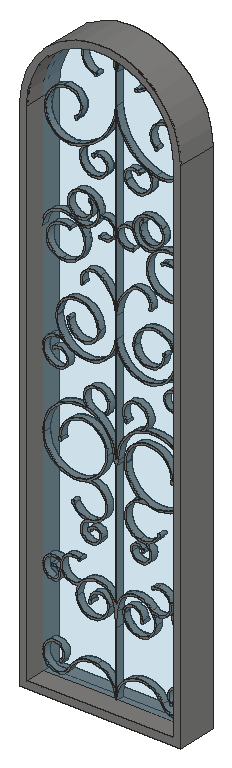
Revit family "Decorative", category Windows, host Wall, Revit 2013
Parameters
  Height = 4' - 0"
  Glass = Glass
  Frame = Iron, Wrought
  Default Sill Height = 3' - 0"
  Wall Closure = By host
  Width = 4' - 0"
  Analytic Construction = "<None>"
Reference planes (in)
  plane 1 "Center (Front/Back)": y = 0
  plane 2: z = 0
  plane 3 "Center (Left/Right)": x = 0
  plane 4 "Left": x = -12
  plane 5 "Right": x = 12
  plane 6 "Sill": z = 6
  plane 7 "Top": z = 84
Forms (in)
  Extrusion 1, solid, material "Iron, Wrought" <- "Frame"
    sketch origin (0, -2, 0) x (1, 0, 0) y (0, 0, 1)
      loop
        line (12, 6) -> (12, 84)
        arc (12, 84) -> (0, 96) -> (-12, 84) r 12
        line (-12, 84) -> (-12, 6) -> (12, 6)
      loop
        arc (11, 84) -> (0, 95) -> (-11, 84) r 11
        line (-11, 84) -> (-11, 7) -> (11, 7) -> (11, 84)
    from -5 to 1
  Extrusion 2, solid, material "Iron, Wrought" <- "Frame"
    sketch origin (0, 0, 0) x (1, 0, 0) y (0, 0, 1)
      loop
        arc (0, 19) -> (-3, 22) -> (-6, 19) r 3
        arc (-6, 19) -> (-3.5, 16.5) -> (-1, 19) r 2.5
        arc (-1, 19) -> (-2.5, 20.5) -> (-4, 19) r 1.5
        arc (-4, 19) -> (-3.875, 18.49848) -> (-3.75, 19) r 0.26634
        arc (-3.75, 19) -> (-2.5, 20.25) -> (-1.25, 19) r 1.25
        arc (-1.25, 19) -> (-3.5, 16.75) -> (-5.75, 19) r 2.25
        arc (-5.75, 19) -> (-3, 21.75) -> (-0.25, 19) r 2.75
        arc (-0.25, 19) -> (-0.21873, 17.84976) -> (-0.125, 16.70292) r 21.16878
        line (-0.125, 16.70292) -> (-0.125, 7) -> (0.125, 7) -> (0.125, 16.70292)
        arc (0.125, 16.70292) -> (0.21873, 17.84976) -> (0.25, 19) r 21.16878
        arc (0.25, 19) -> (3, 21.75) -> (5.75, 19) r 2.75
        arc (5.75, 19) -> (3.5, 16.75) -> (1.25, 19) r 2.25
        arc (1.25, 19) -> (2.5, 20.25) -> (3.75, 19) r 1.25
        arc (3.75, 19) -> (3.875, 18.49848) -> (4, 19) r 0.26634
        arc (4, 19) -> (2.5, 20.5) -> (1, 19) r 1.5
        arc (1, 19) -> (3.5, 16.5) -> (6, 19) r 2.5
        arc (6, 19) -> (3, 22) -> (0, 19) r 3
    from -1 to 0
  Extrusion 3, solid, material "Iron, Wrought" <- "Frame"
    sketch origin (0, 0, 0) x (1, 0, 0) y (0, 0, 1)
      loop
        arc (0.125, 7) -> (0.87875, 9.2664) -> (2.89548, 10.54605) r 3.55934
        arc (2.89548, 10.54605) -> (5.13126, 10.32667) -> (6.79033, 8.81195) r 3.55934
        arc (6.79033, 8.81195) -> (10.17601, 7.98766) -> (10.12198, 11.47182) r 2.20244
        arc (10.12198, 11.47182) -> (8.12953, 11.3176) -> (8.02248, 9.32206) r 1.5154
        arc (8.02248, 9.32206) -> (8.42915, 9.09367) -> (8.20077, 9.50034) r 0.24222
        arc (8.20077, 9.50034) -> (8.31891, 11.15357) -> (9.97213, 11.2717) r 1.2654
        arc (9.97213, 11.2717) -> (10.01582, 8.17967) -> (7.0143, 8.92361) r 1.95244
        arc (7.0143, 8.92361) -> (5.23835, 10.55264) -> (2.84012, 10.78984) r 3.80934
        arc (2.84012, 10.78984) -> (1.18727, 9.95249) -> (0.125, 8.43439) r 3.80934
        line (0.125, 8.43439) -> (0.125, 7)
      loop
        line (-0.125, 7) -> (-0.125, 8.43439)
        arc (-0.125, 8.43439) -> (-1.18727, 9.95249) -> (-2.84012, 10.78984) r 3.80934
        arc (-2.84012, 10.78984) -> (-5.23835, 10.55264) -> (-7.0143, 8.92361) r 3.80934
        arc (-7.0143, 8.92361) -> (-10.01582, 8.17967) -> (-9.97213, 11.2717) r 1.95244
        arc (-9.97213, 11.2717) -> (-8.31891, 11.15357) -> (-8.20077, 9.50034) r 1.2654
        arc (-8.20077, 9.50034) -> (-8.42915, 9.09367) -> (-8.02248, 9.32206) r 0.24222
        arc (-8.02248, 9.32206) -> (-8.12953, 11.3176) -> (-10.12198, 11.47182) r 1.5154
        arc (-10.12198, 11.47182) -> (-10.17601, 7.98766) -> (-6.79033, 8.81195) r 2.20244
        arc (-6.79033, 8.81195) -> (-5.13126, 10.32667) -> (-2.89548, 10.54605) r 3.55934
        arc (-2.89548, 10.54605) -> (-0.87875, 9.2664) -> (-0.125, 7) r 3.55934
    from -1 to 0
  Extrusion 4, solid, material "Iron, Wrought" <- "Frame"
    sketch origin (0, 0, 0) x (1, 0, 0) y (0, 0, 1)
      loop
        arc (-0.125, 19.85696) -> (-0.03141, 19.43301) -> (0, 19) r 3
        arc (0, 19) -> (0.03141, 19.43301) -> (0.125, 19.85696) r 3
        line (0.125, 19.85696) -> (0.125, 92.09572) -> (-0.125, 92.09572) -> (-0.125, 19.85696)
    from -1 to 0
  Extrusion 5, solid, material "Iron, Wrought" <- "Frame"
    sketch origin (0, 0, 0) x (1, 0, 0) y (0, 0, 1)
      loop
        arc (5.38406, 20.82106) -> (5.5287, 20.61421) -> (5.65544, 20.39593) r 3
        arc (5.65544, 20.39593) -> (8.30201, 22.21041) -> (5.66052, 24.03226) r 1.94715
        arc (5.66052, 24.03226) -> (5.35877, 23.78329) -> (5.74967, 23.7987) r 0.20642
        arc (5.74967, 23.7987) -> (8.03937, 22.00629) -> (5.38406, 20.82106) r 1.69715
    from -1 to 0
  Extrusion 6, solid, material "Iron, Wrought" <- "Frame"
    sketch origin (0, 0, 0) x (1, 0, 0) y (0, 0, 1)
      loop
        arc (8.28377, 22.47907) -> (10.57649, 22.08293) -> (9.62935, 19.95774) r 1.47412
        arc (9.62935, 19.95774) -> (8.55895, 20.64137) -> (9.29531, 21.6762) r 0.87641
        arc (9.29531, 21.6762) -> (9.65479, 21.85383) -> (9.25996, 21.92369) r 0.211
        arc (9.25996, 21.92369) -> (8.31355, 20.59367) -> (9.68928, 19.71503) r 1.12641
        arc (9.68928, 19.71503) -> (10.82934, 22.13698) -> (8.22493, 22.75557) r 1.72412
        arc (8.22493, 22.75557) -> (8.25937, 22.61839) -> (8.28377, 22.47907) r 1.94715
    from -1 to 0
  Extrusion 7, solid, material "Iron, Wrought" <- "Frame"
    sketch origin (0, 0, 0) x (-1, 0, 0) y (0, 0, -1)
      loop
        arc (5.38406, -20.82106) -> (8.03937, -22.00629) -> (5.74967, -23.7987) r 1.69715
        arc (5.74967, -23.7987) -> (5.35877, -23.78329) -> (5.66052, -24.03226) r 0.20642
        arc (5.66052, -24.03226) -> (8.30201, -22.21041) -> (5.65544, -20.39593) r 1.94715
        arc (5.65544, -20.39593) -> (5.5287, -20.61421) -> (5.38406, -20.82106) r 3
    from -1 to 0
  Extrusion 8, solid, material "Iron, Wrought" <- "Frame"
    sketch origin (0, 0, 0) x (-1, 0, 0) y (0, 0, -1)
      loop
        arc (8.28377, -22.47907) -> (8.25937, -22.61839) -> (8.22493, -22.75557) r 1.94715
        arc (8.22493, -22.75557) -> (10.82934, -22.13698) -> (9.68928, -19.71503) r 1.72412
        arc (9.68928, -19.71503) -> (8.31355, -20.59367) -> (9.25996, -21.92369) r 1.12641
        arc (9.25996, -21.92369) -> (9.65479, -21.85383) -> (9.29531, -21.6762) r 0.211
        arc (9.29531, -21.6762) -> (8.55895, -20.64137) -> (9.62935, -19.95774) r 0.87641
        arc (9.62935, -19.95774) -> (10.57649, -22.08293) -> (8.28377, -22.47907) r 1.47412
    from -1 to 0
  Extrusion 9, solid, material "Iron, Wrought" <- "Frame"
    sketch origin (0, 0, 6) x (1, 0, 0) y (0, 0, 1)
      loop
        arc (-0.125, 33.25) -> (-5.5625, 38.6875) -> (-11, 33.25) r 5.4375
        arc (-11, 33.25) -> (-6.125, 28.375) -> (-1.25, 33.25) r 4.875
        arc (-1.25, 33.25) -> (-4.875, 36.875) -> (-8.5, 33.25) r 3.625
        arc (-8.5, 33.25) -> (-8.375, 32.74812) -> (-8.25, 33.25) r 0.26651
        arc (-8.25, 33.25) -> (-4.875, 36.625) -> (-1.5, 33.25) r 3.375
        arc (-1.5, 33.25) -> (-6.125, 28.625) -> (-10.75, 33.25) r 4.625
        arc (-10.75, 33.25) -> (-5.5625, 38.4375) -> (-0.375, 33.25) r 5.1875
        arc (-0.375, 33.25) -> (-0.31114, 32.8171) -> (-0.125, 32.42107) r 1.49924
        line (-0.125, 32.42107) -> (-0.125, 33.25)
    from -1 to 0
  Extrusion 10, solid, material "Iron, Wrought" <- "Frame"
    sketch origin (0, 0, 2) x (1, 0, 0) y (0, 0, 1)
      loop
        arc (-4.52215, 32.64603) -> (-1.55271, 30.72224) -> (-3.46236, 27.74368) r 2.50783
        arc (-3.46236, 27.74368) -> (-5.10328, 27.93831) -> (-6.2669, 29.11154) r 2.50783
        arc (-6.2669, 29.11154) -> (-6.57763, 29.4721) -> (-6.4925, 29.0038) r 0.24664
        arc (-6.4925, 29.0038) -> (-5.21287, 27.71361) -> (-3.40837, 27.49957) r 2.75783
        arc (-3.40837, 27.49957) -> (-1.2546, 30.40888) -> (-3.83728, 32.94512) r 2.75783
        arc (-3.83728, 32.94512) -> (-4.17398, 32.78244) -> (-4.52215, 32.64603) r 4.875
    from -1 to 0
  Extrusion 11, solid, material "Iron, Wrought" <- "Frame"
    sketch origin (0, 0, 2) x (1, 0, 0) y (0, 0, 1)
      loop
        arc (-4.00392, 27.4345) -> (-4.27834, 27.44819) -> (-4.55003, 27.48912) r 2.75783
        arc (-4.55003, 27.48912) -> (-4.66455, 24.80677) -> (-2.16787, 25.79404) r 1.60044
        arc (-2.16787, 25.79404) -> (-2.76918, 26.93487) -> (-4.00754, 26.57493) r 1.02005
        arc (-4.00754, 26.57493) -> (-4.1621, 26.13054) -> (-3.80172, 26.43302) r 0.24402
        arc (-3.80172, 26.43302) -> (-2.86687, 26.70475) -> (-2.41293, 25.84351) r 0.77005
        arc (-2.41293, 25.84351) -> (-4.69156, 25.15587) -> (-4.00392, 27.4345) r 1.35044
    from -1 to 0
  Extrusion 12, solid, material "Iron, Wrought" <- "Frame"
    sketch origin (0, 0, 6) x (-1, 0, 0) y (0, 0, -1)
      loop
        line (-0.125, -33.25) -> (-0.125, -32.42107)
        arc (-0.125, -32.42107) -> (-0.31114, -32.8171) -> (-0.375, -33.25) r 1.49924
        arc (-0.375, -33.25) -> (-5.5625, -38.4375) -> (-10.75, -33.25) r 5.1875
        arc (-10.75, -33.25) -> (-6.125, -28.625) -> (-1.5, -33.25) r 4.625
        arc (-1.5, -33.25) -> (-4.875, -36.625) -> (-8.25, -33.25) r 3.375
        arc (-8.25, -33.25) -> (-8.375, -32.74812) -> (-8.5, -33.25) r 0.26651
        arc (-8.5, -33.25) -> (-4.875, -36.875) -> (-1.25, -33.25) r 3.625
        arc (-1.25, -33.25) -> (-6.125, -28.375) -> (-11, -33.25) r 4.875
        arc (-11, -33.25) -> (-5.5625, -38.6875) -> (-0.125, -33.25) r 5.4375
    from -1 to 0
  Extrusion 13, solid, material "Iron, Wrought" <- "Frame"
    sketch origin (0, 0, 2) x (-1, 0, 0) y (0, 0, -1)
      loop
        arc (-4.52215, -32.64603) -> (-4.17398, -32.78244) -> (-3.83728, -32.94512) r 4.875
        arc (-3.83728, -32.94512) -> (-1.2546, -30.40888) -> (-3.40837, -27.49957) r 2.75783
        arc (-3.40837, -27.49957) -> (-5.21287, -27.71361) -> (-6.4925, -29.0038) r 2.75783
        arc (-6.4925, -29.0038) -> (-6.57763, -29.4721) -> (-6.2669, -29.11154) r 0.24664
        arc (-6.2669, -29.11154) -> (-5.10328, -27.93831) -> (-3.46236, -27.74368) r 2.50783
        arc (-3.46236, -27.74368) -> (-1.55271, -30.72224) -> (-4.52215, -32.64603) r 2.50783
    from -1 to 0
  Extrusion 14, solid, material "Iron, Wrought" <- "Frame"
    sketch origin (0, 0, 2) x (-1, 0, 0) y (0, 0, -1)
      loop
        arc (-4.00392, -27.4345) -> (-4.69156, -25.15587) -> (-2.41293, -25.84351) r 1.35044
        arc (-2.41293, -25.84351) -> (-2.86687, -26.70475) -> (-3.80172, -26.43302) r 0.77005
        arc (-3.80172, -26.43302) -> (-4.1621, -26.13054) -> (-4.00754, -26.57493) r 0.24402
        arc (-4.00754, -26.57493) -> (-2.76918, -26.93487) -> (-2.16787, -25.79404) r 1.02005
        arc (-2.16787, -25.79404) -> (-4.66455, -24.80677) -> (-4.55003, -27.48912) r 1.60044
        arc (-4.55003, -27.48912) -> (-4.27834, -27.44819) -> (-4.00392, -27.4345) r 2.75783
    from -1 to 0
  Extrusion 15, solid, material "Iron, Wrought" <- "Frame"
    sketch origin (0, 0, 8.09572) x (1, 0, 0) y (0, 0, 1)
      loop
        line (0.125, 84) -> (0.125, 83.08253)
        arc (0.125, 83.08253) -> (0.30647, 83.52316) -> (0.37495, 83.99476) r 1.93846
        arc (0.37495, 83.99476) -> (4.0681, 85.73803) -> (3.23358, 81.74028) r 2.2811
        arc (3.23358, 81.74028) -> (2.79881, 81.6115) -> (3.23358, 81.48272) r 0.23646
        arc (3.23358, 81.48272) -> (4.24841, 85.91396) -> (0.125, 84) r 2.5311
    from -1 to 0
  Extrusion 16, solid, material "Iron, Wrought" <- "Frame"
    sketch origin (0, 0, 8.09572) x (-1, 0, 0) y (0, 0, -1)
      loop
        arc (0.125, -84) -> (4.24841, -85.91396) -> (3.23358, -81.48272) r 2.5311
        arc (3.23358, -81.48272) -> (2.79881, -81.6115) -> (3.23358, -81.74028) r 0.23646
        arc (3.23358, -81.74028) -> (4.0681, -85.73803) -> (0.37495, -83.99476) r 2.2811
        arc (0.37495, -83.99476) -> (0.30647, -83.52316) -> (0.125, -83.08253) r 1.93846
        line (0.125, -83.08253) -> (0.125, -84)
    from -1 to 0
  Extrusion 17, solid, material "Iron, Wrought" <- "Frame"
    sketch origin (0, 0, -2) x (1, 0, 0) y (0, 0, 1)
      loop
        arc (-0.125, 57.4364) -> (-4.45419, 53.10721) -> (-8.78338, 57.4364) r 4.32919
        arc (-8.78338, 57.4364) -> (-5.78338, 60.4364) -> (-2.78338, 57.4364) r 3
        arc (-2.78338, 57.4364) -> (-4.90838, 55.3114) -> (-7.03338, 57.4364) r 2.125
        arc (-7.03338, 57.4364) -> (-7.15838, 57.83873) -> (-7.28338, 57.4364) r 0.22058
        arc (-7.28338, 57.4364) -> (-4.90838, 55.0614) -> (-2.53338, 57.4364) r 2.375
        arc (-2.53338, 57.4364) -> (-5.78338, 60.6864) -> (-9.03338, 57.4364) r 3.25
        arc (-9.03338, 57.4364) -> (-5.21076, 52.92014) -> (-0.125, 55.94405) r 4.57919
        line (-0.125, 55.94405) -> (-0.125, 57.4364)
    from -1 to 0
  Extrusion 18, solid, material "Iron, Wrought" <- "Frame"
    sketch origin (0, 0, -2) x (1, 0, 0) y (0, 0, 1)
      loop
        arc (-8.11257, 54.68227) -> (-11.00367, 52.52462) -> (-8.05023, 50.45312) r 2.22644
        arc (-8.05023, 50.45312) -> (-7.19848, 52.41505) -> (-9.22641, 53.09486) r 1.45125
        arc (-9.22641, 53.09486) -> (-9.51706, 52.79135) -> (-9.10545, 52.87606) r 0.22008
        arc (-9.10545, 52.87606) -> (-7.42687, 52.31336) -> (-8.13189, 50.68941) r 1.20125
        arc (-8.13189, 50.68941) -> (-10.73918, 52.7983) -> (-7.69915, 54.21379) r 1.97644
        arc (-7.69915, 54.21379) -> (-7.91576, 54.4393) -> (-8.11257, 54.68227) r 3.70425
    from -1 to 0
  Extrusion 19, solid, material "Iron, Wrought" <- "Frame"
    sketch origin (0, 0, -2) x (-1, 0, 0) y (0, 0, -1)
      loop
        line (-0.125, -57.4364) -> (-0.125, -55.94405)
        arc (-0.125, -55.94405) -> (-5.21076, -52.92014) -> (-9.03338, -57.4364) r 4.57919
        arc (-9.03338, -57.4364) -> (-5.78338, -60.6864) -> (-2.53338, -57.4364) r 3.25
        arc (-2.53338, -57.4364) -> (-4.90838, -55.0614) -> (-7.28338, -57.4364) r 2.375
        arc (-7.28338, -57.4364) -> (-7.15838, -57.83873) -> (-7.03338, -57.4364) r 0.22058
        arc (-7.03338, -57.4364) -> (-4.90838, -55.3114) -> (-2.78338, -57.4364) r 2.125
        arc (-2.78338, -57.4364) -> (-5.78338, -60.4364) -> (-8.78338, -57.4364) r 3
        arc (-8.78338, -57.4364) -> (-4.45419, -53.10721) -> (-0.125, -57.4364) r 4.32919
    from -1 to 0
  Extrusion 20, solid, material "Iron, Wrought" <- "Frame"
    sketch origin (0, 0, -2) x (-1, 0, 0) y (0, 0, -1)
      loop
        arc (-8.11257, -54.68227) -> (-7.91576, -54.4393) -> (-7.69915, -54.21379) r 3.70425
        arc (-7.69915, -54.21379) -> (-10.73918, -52.7983) -> (-8.13189, -50.68941) r 1.97644
        arc (-8.13189, -50.68941) -> (-7.42687, -52.31336) -> (-9.10545, -52.87606) r 1.20125
        arc (-9.10545, -52.87606) -> (-9.51706, -52.79135) -> (-9.22641, -53.09486) r 0.22008
        arc (-9.22641, -53.09486) -> (-7.19848, -52.41505) -> (-8.05023, -50.45312) r 1.45125
        arc (-8.05023, -50.45312) -> (-11.00367, -52.52462) -> (-8.11257, -54.68227) r 2.22644
    from -1 to 0
  Extrusion 21, solid, material "Iron, Wrought" <- "Frame"
    sketch origin (0, 0, -2) x (1, 0, 0) y (0, 0, 1)
      loop
        arc (-3.69822, 46.35792) -> (-3.39715, 49.58097) -> (-1.52489, 46.94027) r 1.72613
        arc (-1.52489, 46.94027) -> (-1.61482, 46.5869) -> (-1.31843, 46.79929) r 0.19408
        arc (-1.31843, 46.79929) -> (-3.10422, 49.88379) -> (-4.38962, 46.5595) r 1.97613
        arc (-4.38962, 46.5595) -> (-4.04058, 46.47017) -> (-3.69822, 46.35792) r 5.4375
    from -1 to 0
  Extrusion 22, solid, material "Iron, Wrought" <- "Frame"
    sketch origin (0, 0, -2) x (-1, 0, 0) y (0, 0, -1)
      loop
        arc (-3.69822, -46.35792) -> (-4.04058, -46.47017) -> (-4.38962, -46.5595) r 5.4375
        arc (-4.38962, -46.5595) -> (-3.10422, -49.88379) -> (-1.31843, -46.79929) r 1.97613
        arc (-1.31843, -46.79929) -> (-1.61482, -46.5869) -> (-1.52489, -46.94027) r 0.19408
        arc (-1.52489, -46.94027) -> (-3.39715, -49.58097) -> (-3.69822, -46.35792) r 1.72613
    from -1 to 0
  Extrusion 23, solid, material "Iron, Wrought" <- "Frame"
    sketch origin (0, 0, -2) x (1, 0, 0) y (0, 0, 1)
      loop
        line (11, 68.75) -> (11, 69.74225)
        arc (11, 69.74225) -> (5.00375, 70.19299) -> (8.12514, 65.05343) r 3.38085
        arc (8.12514, 65.05343) -> (10.40924, 68.14339) -> (7.00175, 69.91935) r 2.52769
        arc (7.00175, 69.91935) -> (6.74444, 69.68092) -> (7.09518, 69.68747) r 0.18772
        arc (7.09518, 69.68747) -> (10.16565, 68.08715) -> (8.10746, 65.3028) r 2.27769
        arc (8.10746, 65.3028) -> (5.48761, 70.43828) -> (11, 68.75) r 3.13085
    from -1 to 0
  Extrusion 24, solid, material "Iron, Wrought" <- "Frame"
    sketch origin (0, 0, -2) x (1, 0, 0) y (0, 0, 1)
      loop
        arc (5.881, 71.14798) -> (2.7899, 73.65856) -> (6.72216, 74.28724) r 2.18094
        arc (6.72216, 74.28724) -> (5.34716, 71.74599) -> (3.97216, 74.28724) r 1.64261
        arc (3.97216, 74.28724) -> (4.06624, 74.65967) -> (3.76289, 74.42401) r 0.20312
        arc (3.76289, 74.42401) -> (5.34716, 71.49599) -> (6.93143, 74.42401) r 1.89261
        arc (6.93143, 74.42401) -> (2.64994, 74.02271) -> (5.39856, 70.71555) r 2.43094
        arc (5.39856, 70.71555) -> (5.6294, 70.94335) -> (5.881, 71.14798) r 3.38085
    from -1 to 0
  Extrusion 25, solid, material "Iron, Wrought" <- "Frame"
    sketch origin (0, 0, -2) x (1, 0, 0) y (0, 0, 1)
      loop
        arc (2.50821, 72.64087) -> (2.48424, 72.79355) -> (2.47002, 72.94745) r 2.43094
        arc (2.47002, 72.94745) -> (0.11872, 71.51534) -> (2.37931, 69.94395) r 1.64273
        arc (2.37931, 69.94395) -> (2.62557, 70.17899) -> (2.28516, 70.17555) r 0.18299
        arc (2.28516, 70.17555) -> (0.37364, 71.59125) -> (2.50821, 72.64087) r 1.39273
    from -1 to 0
  Extrusion 26, solid, material "Iron, Wrought" <- "Frame"
    sketch origin (0, 0, -2) x (-1, 0, 0) y (0, 0, -1)
      loop
        arc (11, -68.75) -> (5.48761, -70.43828) -> (8.10746, -65.3028) r 3.13085
        arc (8.10746, -65.3028) -> (10.16565, -68.08715) -> (7.09518, -69.68747) r 2.27769
        arc (7.09518, -69.68747) -> (6.74444, -69.68092) -> (7.00175, -69.91935) r 0.18772
        arc (7.00175, -69.91935) -> (10.40924, -68.14339) -> (8.12514, -65.05343) r 2.52769
        arc (8.12514, -65.05343) -> (5.00375, -70.19299) -> (11, -69.74225) r 3.38085
        line (11, -69.74225) -> (11, -68.75)
    from -1 to 0
  Extrusion 27, solid, material "Iron, Wrought" <- "Frame"
    sketch origin (0, 0, -2) x (-1, 0, 0) y (0, 0, -1)
      loop
        arc (5.881, -71.14798) -> (5.6294, -70.94335) -> (5.39856, -70.71555) r 3.38085
        arc (5.39856, -70.71555) -> (2.64994, -74.02271) -> (6.93143, -74.42401) r 2.43094
        arc (6.93143, -74.42401) -> (5.34716, -71.49599) -> (3.76289, -74.42401) r 1.89261
        arc (3.76289, -74.42401) -> (4.06624, -74.65967) -> (3.97216, -74.28724) r 0.20312
        arc (3.97216, -74.28724) -> (5.34716, -71.74599) -> (6.72216, -74.28724) r 1.64261
        arc (6.72216, -74.28724) -> (2.7899, -73.65856) -> (5.881, -71.14798) r 2.18094
    from -1 to 0
  Extrusion 28, solid, material "Iron, Wrought" <- "Frame"
    sketch origin (0, 0, -2) x (-1, 0, 0) y (0, 0, -1)
      loop
        arc (2.50821, -72.64087) -> (0.37364, -71.59125) -> (2.28516, -70.17555) r 1.39273
        arc (2.28516, -70.17555) -> (2.62557, -70.17899) -> (2.37931, -69.94395) r 0.18299
        arc (2.37931, -69.94395) -> (0.11872, -71.51534) -> (2.47002, -72.94745) r 1.64273
        arc (2.47002, -72.94745) -> (2.48424, -72.79355) -> (2.50821, -72.64087) r 2.43094
    from -1 to 0
  Extrusion 29, solid, material "Iron, Wrought" <- "Frame"
    sketch origin (0, 0, -2) x (1, 0, 0) y (0, 0, 1)
      loop
        line (-0.125, 60.5) -> (-0.125, 61.90489)
        arc (-0.125, 61.90489) -> (-0.97009, 63.62703) -> (-2.31559, 64.99436) r 5.99902
        arc (-2.31559, 64.99436) -> (-4.4068, 65.07216) -> (-5.2536, 63.15849) r 1.86485
        arc (-5.2536, 63.15849) -> (-5.06854, 62.83793) -> (-5.0076, 63.20302) r 0.19662
        arc (-5.0076, 63.20302) -> (-4.27432, 64.86014) -> (-2.46346, 64.79278) r 1.61485
        arc (-2.46346, 64.79278) -> (-0.81524, 62.90732) -> (-0.125, 60.5) r 5.74902
    from -1 to 0
  Extrusion 30, solid, material "Iron, Wrought" <- "Frame"
    sketch origin (0, 0, -2) x (-1, 0, 0) y (0, 0, -1)
      loop
        arc (-0.125, -60.5) -> (-0.81524, -62.90732) -> (-2.46346, -64.79278) r 5.74902
        arc (-2.46346, -64.79278) -> (-4.27432, -64.86014) -> (-5.0076, -63.20302) r 1.61485
        arc (-5.0076, -63.20302) -> (-5.06854, -62.83793) -> (-5.2536, -63.15849) r 0.19662
        arc (-5.2536, -63.15849) -> (-4.4068, -65.07216) -> (-2.31559, -64.99436) r 1.86485
        arc (-2.31559, -64.99436) -> (-0.97009, -63.62703) -> (-0.125, -61.90489) r 5.99902
        line (-0.125, -61.90489) -> (-0.125, -60.5)
    from -1 to 0
  Extrusion 31, solid, material "Iron, Wrought" <- "Frame"
    sketch origin (0, 0, 0) x (1, 0, 0) y (0, 0, 1)
      loop
        arc (-0.125, 86.75) -> (-1.79953, 82.04775) -> (-5.99396, 79.34182) r 7.75009
        arc (-5.99396, 79.34182) -> (-10.39015, 81.979) -> (-7.75297, 86.37519) r 3.625
        arc (-7.75297, 86.37519) -> (-5.59198, 85.46019) -> (-5.87507, 83.13061) r 1.95016
        arc (-5.87507, 83.13061) -> (-6.11858, 82.71029) -> (-5.69826, 82.9538) r 0.25135
        arc (-5.69826, 82.9538) -> (-5.37443, 85.58338) -> (-7.81363, 86.61772) r 2.20016
        arc (-7.81363, 86.61772) -> (-10.63268, 81.91834) -> (-5.9333, 79.09929) r 3.875
        arc (-5.9333, 79.09929) -> (-2.23433, 81.18653) -> (-0.125, 84.87295) r 8.00009
        line (-0.125, 84.87295) -> (-0.125, 86.75)
    from -1 to 0
  Extrusion 32, solid, material "Iron, Wrought" <- "Frame"
    sketch origin (0, 0, 0) x (1, 0, 0) y (0, 0, 1)
      loop
        arc (-4.18525, 79.76158) -> (-4.59737, 79.56218) -> (-5.02022, 79.38668) r 8.00009
        arc (-5.02022, 79.38668) -> (-4.47897, 76.15524) -> (-1.31183, 76.99453) r 2.21609
        arc (-1.31183, 76.99453) -> (-1.56914, 78.66539) -> (-3.24, 78.9227) r 1.42965
        arc (-3.24, 78.9227) -> (-3.58755, 78.60093) -> (-3.12459, 78.70092) r 0.24552
        arc (-3.12459, 78.70092) -> (-1.74592, 78.48861) -> (-1.5336, 77.10993) r 1.17965
        arc (-1.5336, 77.10993) -> (-4.66793, 76.62726) -> (-4.18525, 79.76158) r 1.96609
    from -1 to 0
  Extrusion 33, solid, material "Iron, Wrought" <- "Frame"
    sketch origin (0, 0, 0) x (-1, 0, 0) y (0, 0, -1)
      loop
        line (-0.125, -86.75) -> (-0.125, -84.87295)
        arc (-0.125, -84.87295) -> (-2.23433, -81.18653) -> (-5.9333, -79.09929) r 8.00009
        arc (-5.9333, -79.09929) -> (-10.63268, -81.91834) -> (-7.81363, -86.61772) r 3.875
        arc (-7.81363, -86.61772) -> (-5.37443, -85.58338) -> (-5.69826, -82.9538) r 2.20016
        arc (-5.69826, -82.9538) -> (-6.11858, -82.71029) -> (-5.87507, -83.13061) r 0.25135
        arc (-5.87507, -83.13061) -> (-5.59198, -85.46019) -> (-7.75297, -86.37519) r 1.95016
        arc (-7.75297, -86.37519) -> (-10.39015, -81.979) -> (-5.99396, -79.34182) r 3.625
        arc (-5.99396, -79.34182) -> (-1.79953, -82.04775) -> (-0.125, -86.75) r 7.75009
    from -1 to 0
  Extrusion 34, solid, material "Iron, Wrought" <- "Frame"
    sketch origin (0, 0, 0) x (-1, 0, 0) y (0, 0, -1)
      loop
        arc (-4.18525, -79.76158) -> (-4.66793, -76.62726) -> (-1.5336, -77.10993) r 1.96609
        arc (-1.5336, -77.10993) -> (-1.74592, -78.48861) -> (-3.12459, -78.70092) r 1.17965
        arc (-3.12459, -78.70092) -> (-3.58755, -78.60093) -> (-3.24, -78.9227) r 0.24552
        arc (-3.24, -78.9227) -> (-1.56914, -78.66539) -> (-1.31183, -76.99453) r 1.42965
        arc (-1.31183, -76.99453) -> (-4.47897, -76.15524) -> (-5.02022, -79.38668) r 2.21609
        arc (-5.02022, -79.38668) -> (-4.59737, -79.56218) -> (-4.18525, -79.76158) r 8.00009
    from -1 to 0
  Extrusion 35, solid, material "Glass" <- "Glass"
    sketch origin (0, 0, 0) x (1, 0, 0) y (0, 0, 1)
      loop
        line (0.125, 7) -> (11, 7) -> (11, 9.57105)
        arc (11, 9.57105) -> (9.19272, 7.54136) -> (6.79033, 8.81195) r 2.20244
        arc (6.79033, 8.81195) -> (5.13126, 10.32667) -> (2.89548, 10.54605) r 3.55934
        arc (2.89548, 10.54605) -> (0.87875, 9.2664) -> (0.125, 7) r 3.55934
    from -1 to 0
  Extrusion 36, solid, material "Glass" <- "Glass"
    sketch origin (0, 0, 0) x (-1, 0, 0) y (0, 0, -1)
      loop
        arc (0.125, -7) -> (0.87875, -9.2664) -> (2.89548, -10.54605) r 3.55934
        arc (2.89548, -10.54605) -> (5.13126, -10.32667) -> (6.79033, -8.81195) r 3.55934
        arc (6.79033, -8.81195) -> (9.19272, -7.54136) -> (11, -9.57105) r 2.20244
        line (11, -9.57105) -> (11, -7) -> (0.125, -7)
    from -1 to 0
  Extrusion 37, solid, material "Glass" <- "Glass"
    sketch origin (0, 0, 0) x (1, 0, 0) y (0, 0, 1)
      loop
        arc (0.125, 8.43439) -> (1.18727, 9.95249) -> (2.84012, 10.78984) r 3.80934
        arc (2.84012, 10.78984) -> (5.23835, 10.55264) -> (7.0143, 8.92361) r 3.80934
        arc (7.0143, 8.92361) -> (10.01582, 8.17967) -> (9.97213, 11.2717) r 1.95244
        arc (9.97213, 11.2717) -> (8.31891, 11.15357) -> (8.20077, 9.50034) r 1.2654
        arc (8.20077, 9.50034) -> (8.42915, 9.09367) -> (8.02248, 9.32206) r 0.24222
        arc (8.02248, 9.32206) -> (8.12953, 11.3176) -> (10.12198, 11.47182) r 1.5154
        arc (10.12198, 11.47182) -> (10.7396, 10.75573) -> (11, 9.84664) r 2.20244
        line (11, 9.84664) -> (11, 21.36992)
        arc (11, 21.36992) -> (10.62754, 20.31841) -> (9.68928, 19.71503) r 1.72412
        arc (9.68928, 19.71503) -> (8.31355, 20.59367) -> (9.25996, 21.92369) r 1.12641
        arc (9.25996, 21.92369) -> (9.65479, 21.85383) -> (9.29531, 21.6762) r 0.211
        arc (9.29531, 21.6762) -> (8.55895, 20.64137) -> (9.62935, 19.95774) r 0.87641
        arc (9.62935, 19.95774) -> (10.57649, 22.08293) -> (8.28377, 22.47907) r 1.47412
        arc (8.28377, 22.47907) -> (7.56432, 20.68714) -> (5.65544, 20.39593) r 1.94715
        arc (5.65544, 20.39593) -> (5.91259, 19.71891) -> (6, 19) r 3
        arc (6, 19) -> (3.5, 16.5) -> (1, 19) r 2.5
        arc (1, 19) -> (2.5, 20.5) -> (4, 19) r 1.5
        arc (4, 19) -> (3.875, 18.49848) -> (3.75, 19) r 0.26634
        arc (3.75, 19) -> (2.5, 20.25) -> (1.25, 19) r 1.25
        arc (1.25, 19) -> (3.5, 16.75) -> (5.75, 19) r 2.25
        arc (5.75, 19) -> (3, 21.75) -> (0.25, 19) r 2.75
        arc (0.25, 19) -> (0.21873, 17.84976) -> (0.125, 16.70292) r 21.16878
        line (0.125, 16.70292) -> (0.125, 8.43439)
    from -1 to 0
  Extrusion 38, solid, material "Glass" <- "Glass"
    sketch origin (0, 0, 0) x (1, 0, 0) y (0, 0, 1)
      loop
        arc (0.125, 19.85696) -> (2.45905, 21.95083) -> (5.38406, 20.82106) r 3
        arc (5.38406, 20.82106) -> (8.03937, 22.00629) -> (5.74967, 23.7987) r 1.69715
        arc (5.74967, 23.7987) -> (5.35877, 23.78329) -> (5.66052, 24.03226) r 0.20642
        arc (5.66052, 24.03226) -> (7.22266, 23.9562) -> (8.22493, 22.75557) r 1.94715
        arc (8.22493, 22.75557) -> (10.0462, 22.93139) -> (11, 21.36992) r 1.72412
        line (11, 21.36992) -> (11, 39.25)
        arc (11, 39.25) -> (8.94916, 35.27637) -> (4.52215, 34.64603) r 4.875
        arc (4.52215, 34.64603) -> (1.55271, 32.72224) -> (3.46236, 29.74368) r 2.50783
        arc (3.46236, 29.74368) -> (5.10328, 29.93831) -> (6.2669, 31.11154) r 2.50783
        arc (6.2669, 31.11154) -> (6.57763, 31.4721) -> (6.4925, 31.0038) r 0.24664
        arc (6.4925, 31.0038) -> (5.69977, 30.01754) -> (4.55003, 29.48912) r 2.75783
        arc (4.55003, 29.48912) -> (4.66455, 26.80677) -> (2.16787, 27.79404) r 1.60044
        arc (2.16787, 27.79404) -> (2.76918, 28.93487) -> (4.00754, 28.57493) r 1.02005
        arc (4.00754, 28.57493) -> (4.1621, 28.13054) -> (3.80172, 28.43302) r 0.24402
        arc (3.80172, 28.43302) -> (2.86687, 28.70475) -> (2.41293, 27.84351) r 0.77005
        arc (2.41293, 27.84351) -> (4.69156, 27.15587) -> (4.00392, 29.4345) r 1.35044
        arc (4.00392, 29.4345) -> (3.70437, 29.45082) -> (3.40837, 29.49957) r 2.75783
        arc (3.40837, 29.49957) -> (1.2546, 32.40888) -> (3.83728, 34.94512) r 2.75783
        arc (3.83728, 34.94512) -> (1.94659, 36.73873) -> (1.25, 39.25) r 4.875
        arc (1.25, 39.25) -> (4.875, 42.875) -> (8.5, 39.25) r 3.625
        arc (8.5, 39.25) -> (8.375, 38.74812) -> (8.25, 39.25) r 0.26651
        arc (8.25, 39.25) -> (4.875, 42.625) -> (1.5, 39.25) r 3.375
        arc (1.5, 39.25) -> (6.125, 34.625) -> (10.75, 39.25) r 4.625
        arc (10.75, 39.25) -> (5.5625, 44.4375) -> (0.375, 39.25) r 5.1875
        arc (0.375, 39.25) -> (0.31114, 38.8171) -> (0.125, 38.42107) r 1.49924
        line (0.125, 38.42107) -> (0.125, 19.85696)
    from -1 to 0
  Extrusion 39, solid, material "Glass" <- "Glass"
    sketch origin (0, 0, 0) x (1, 0, 0) y (0, 0, 1)
      loop
        arc (0.125, 39.25) -> (1.10698, 42.36684) -> (3.69822, 44.35792) r 5.4375
        arc (3.69822, 44.35792) -> (3.39715, 47.58097) -> (1.52489, 44.94027) r 1.72613
        arc (1.52489, 44.94027) -> (1.61482, 44.5869) -> (1.31843, 44.79929) r 0.19408
        arc (1.31843, 44.79929) -> (3.10422, 47.88379) -> (4.38962, 44.5595) r 1.97613
        arc (4.38962, 44.5595) -> (8.96756, 43.48934) -> (11, 39.25) r 5.4375
        line (11, 39.25) -> (11, 50.42554)
        arc (11, 50.42554) -> (10.01504, 48.70664) -> (8.05023, 48.45312) r 2.22644
        arc (8.05023, 48.45312) -> (7.19848, 50.41505) -> (9.22641, 51.09486) r 1.45125
        arc (9.22641, 51.09486) -> (9.51706, 50.79135) -> (9.10545, 50.87606) r 0.22008
        arc (9.10545, 50.87606) -> (7.42687, 50.31336) -> (8.13189, 48.68941) r 1.20125
        arc (8.13189, 48.68941) -> (10.74077, 50.78496) -> (7.72178, 52.22831) r 1.97644
        arc (7.72178, 52.22831) -> (3.44538, 50.96971) -> (0.125, 53.94405) r 4.57919
        line (0.125, 53.94405) -> (0.125, 39.25)
    from -1 to 0
  Extrusion 40, solid, material "Glass" <- "Glass"
    sketch origin (0, 0, 0) x (1, 0, 0) y (0, 0, 1)
      loop
        arc (0.125, 55.4364) -> (4.45419, 51.10721) -> (8.78338, 55.4364) r 4.32919
        arc (8.78338, 55.4364) -> (5.78338, 58.4364) -> (2.78338, 55.4364) r 3
        arc (2.78338, 55.4364) -> (4.90838, 53.3114) -> (7.03338, 55.4364) r 2.125
        arc (7.03338, 55.4364) -> (7.15838, 55.83873) -> (7.28338, 55.4364) r 0.22058
        arc (7.28338, 55.4364) -> (4.90838, 53.0614) -> (2.53338, 55.4364) r 2.375
        arc (2.53338, 55.4364) -> (5.78338, 58.6864) -> (9.03338, 55.4364) r 3.25
        arc (9.03338, 55.4364) -> (8.79708, 53.98441) -> (8.11257, 52.68227) r 4.57919
        arc (8.11257, 52.68227) -> (10.04219, 52.38979) -> (11, 50.68933) r 2.22644
        line (11, 50.68933) -> (11, 66.75)
        arc (11, 66.75) -> (5.48761, 68.43828) -> (8.10746, 63.3028) r 3.13085
        arc (8.10746, 63.3028) -> (10.16565, 66.08715) -> (7.09518, 67.68747) r 2.27769
        arc (7.09518, 67.68747) -> (6.74444, 67.68092) -> (7.00175, 67.91935) r 0.18772
        arc (7.00175, 67.91935) -> (10.40924, 66.14339) -> (8.12514, 63.05343) r 2.52769
        arc (8.12514, 63.05343) -> (4.8399, 64.95898) -> (5.39856, 68.71555) r 3.38085
        arc (5.39856, 68.71555) -> (3.54885, 69.07092) -> (2.50821, 70.64087) r 2.43094
        arc (2.50821, 70.64087) -> (0.37364, 69.59125) -> (2.28516, 68.17555) r 1.39273
        arc (2.28516, 68.17555) -> (2.62557, 68.17899) -> (2.37931, 67.94395) r 0.18299
        arc (2.37931, 67.94395) -> (0.90756, 68.06193) -> (0.125, 69.31395) r 1.64273
        line (0.125, 69.31395) -> (0.125, 59.90489)
        arc (0.125, 59.90489) -> (0.97009, 61.62703) -> (2.31559, 62.99436) r 5.99902
        arc (2.31559, 62.99436) -> (4.4068, 63.07216) -> (5.2536, 61.15849) r 1.86485
        arc (5.2536, 61.15849) -> (5.06854, 60.83793) -> (5.0076, 61.20302) r 0.19662
        arc (5.0076, 61.20302) -> (4.27432, 62.86014) -> (2.46346, 62.79278) r 1.61485
        arc (2.46346, 62.79278) -> (0.81524, 60.90732) -> (0.125, 58.5) r 5.74902
        line (0.125, 58.5) -> (0.125, 55.4364)
    from -1 to 0
  Extrusion 41, solid, material "Glass" <- "Glass"
    sketch origin (0, 0, 0) x (1, 0, 0) y (0, 0, 1)
      loop
        arc (0.12035, 69.51544) -> (0.90727, 70.86815) -> (2.47024, 70.94704) r 1.64192
        arc (2.47024, 70.94704) -> (4.13271, 73.40169) -> (6.93145, 72.42389) r 2.43085
        arc (6.93145, 72.42389) -> (5.34719, 69.49586) -> (3.76295, 72.4239) r 1.89261
        arc (3.76295, 72.4239) -> (4.06622, 72.65962) -> (3.97217, 72.28722) r 0.2031
        arc (3.97217, 72.28722) -> (5.34717, 69.746) -> (6.72216, 72.28723) r 1.6426
        arc (6.72216, 72.28723) -> (2.78991, 71.65855) -> (5.881, 69.14798) r 2.18094
        arc (5.881, 69.14798) -> (8.78125, 69.68597) -> (11, 67.74225) r 3.38085
        line (11, 67.74225) -> (11, 84)
        arc (11, 84) -> (8.8931, 90.47401) -> (3.37949, 94.468) r 11
        arc (3.37949, 94.468) -> (5.18551, 91.96715) -> (3.23358, 89.57844) r 2.5311
        arc (3.23358, 89.57844) -> (2.79881, 89.70722) -> (3.23358, 89.83601) r 0.23646
        arc (3.23358, 89.83601) -> (4.0681, 93.83375) -> (0.37495, 92.09048) r 2.2811
        arc (0.37495, 92.09048) -> (0.30646, 91.61886) -> (0.12497, 91.1782) r 1.93846
        line (0.12497, 91.1782) -> (0.12497, 86.75)
        arc (0.12497, 86.75) -> (1.79949, 82.04778) -> (5.99388, 79.34185) r 7.75007
        arc (5.99388, 79.34185) -> (10.39013, 81.97907) -> (7.75288, 86.37529) r 3.62503
        arc (7.75288, 86.37529) -> (5.59199, 85.46039) -> (5.87483, 83.13091) r 1.95014
        arc (5.87483, 83.13091) -> (6.11843, 82.71001) -> (5.69769, 82.95389) r 0.25164
        arc (5.69769, 82.95389) -> (5.37353, 85.58351) -> (7.81286, 86.61777) r 2.19999
        arc (7.81286, 86.61777) -> (10.61316, 81.85657) -> (5.80483, 79.13798) r 3.87289
        arc (5.80483, 79.13798) -> (5.41013, 79.25454) -> (5.02196, 79.39123) r 8.00097
        arc (5.02196, 79.39123) -> (4.4815, 76.1561) -> (1.31169, 76.99481) r 2.21818
        arc (1.31169, 76.99481) -> (1.56896, 78.6657) -> (3.23987, 78.92286) r 1.42956
        arc (3.23987, 78.92286) -> (3.58784, 78.60111) -> (3.12449, 78.70069) r 0.24569
        arc (3.12449, 78.70069) -> (1.74617, 78.48811) -> (1.53436, 77.10931) r 1.17955
        arc (1.53436, 77.10931) -> (4.66682, 76.62679) -> (4.18482, 79.75933) r 1.96499
        arc (4.18482, 79.75933) -> (1.60418, 81.88915) -> (0.12035, 84.88815) r 8.00015
        line (0.12035, 84.88815) -> (0.12035, 69.51544)
    from -1 to 0
  Extrusion 42, solid, material "Glass" <- "Glass"
    sketch origin (0, 0, 0) x (1, 0, 0) y (0, 0, 1)
      loop
        arc (-3.3795, 94.468) -> (-1.16461, 94.08803) -> (-0.125, 92.09572) r 2.5311
        line (-0.125, 92.09572) -> (0.125, 92.09572)
        arc (0.125, 92.09572) -> (1.16461, 94.08803) -> (3.37949, 94.468) r 2.5311
        arc (3.37949, 94.468) -> (0, 95) -> (-3.3795, 94.468) r 11
    from -1 to 0
  Extrusion 43, solid, material "Glass" <- "Glass"
    sketch origin (0, 0, 0) x (-1, 0, 0) y (0, 0, -1)
      loop
        line (0.125, -8.43439) -> (0.125, -16.70292)
        arc (0.125, -16.70292) -> (0.21873, -17.84976) -> (0.25, -19) r 21.16878
        arc (0.25, -19) -> (3, -21.75) -> (5.75, -19) r 2.75
        arc (5.75, -19) -> (3.5, -16.75) -> (1.25, -19) r 2.25
        arc (1.25, -19) -> (2.5, -20.25) -> (3.75, -19) r 1.25
        arc (3.75, -19) -> (3.875, -18.49848) -> (4, -19) r 0.26634
        arc (4, -19) -> (2.5, -20.5) -> (1, -19) r 1.5
        arc (1, -19) -> (3.5, -16.5) -> (6, -19) r 2.5
        arc (6, -19) -> (5.91259, -19.71891) -> (5.65544, -20.39593) r 3
        arc (5.65544, -20.39593) -> (7.56432, -20.68714) -> (8.28377, -22.47907) r 1.94715
        arc (8.28377, -22.47907) -> (10.57649, -22.08293) -> (9.62935, -19.95774) r 1.47412
        arc (9.62935, -19.95774) -> (8.55895, -20.64137) -> (9.29531, -21.6762) r 0.87641
        arc (9.29531, -21.6762) -> (9.65479, -21.85383) -> (9.25996, -21.92369) r 0.211
        arc (9.25996, -21.92369) -> (8.31355, -20.59367) -> (9.68928, -19.71503) r 1.12641
        arc (9.68928, -19.71503) -> (10.62754, -20.31841) -> (11, -21.36992) r 1.72412
        line (11, -21.36992) -> (11, -9.84664)
        arc (11, -9.84664) -> (10.7396, -10.75573) -> (10.12198, -11.47182) r 2.20244
        arc (10.12198, -11.47182) -> (8.12953, -11.3176) -> (8.02248, -9.32206) r 1.5154
        arc (8.02248, -9.32206) -> (8.42915, -9.09367) -> (8.20077, -9.50034) r 0.24222
        arc (8.20077, -9.50034) -> (8.31891, -11.15357) -> (9.97213, -11.2717) r 1.2654
        arc (9.97213, -11.2717) -> (10.01582, -8.17967) -> (7.0143, -8.92361) r 1.95244
        arc (7.0143, -8.92361) -> (5.23835, -10.55264) -> (2.84012, -10.78984) r 3.80934
        arc (2.84012, -10.78984) -> (1.18727, -9.95249) -> (0.125, -8.43439) r 3.80934
    from -1 to 0
  Extrusion 44, solid, material "Glass" <- "Glass"
    sketch origin (0, 0, 0) x (-1, 0, 0) y (0, 0, -1)
      loop
        line (0.125, -19.85696) -> (0.125, -38.42107)
        arc (0.125, -38.42107) -> (0.31114, -38.8171) -> (0.375, -39.25) r 1.49924
        arc (0.375, -39.25) -> (5.5625, -44.4375) -> (10.75, -39.25) r 5.1875
        arc (10.75, -39.25) -> (6.125, -34.625) -> (1.5, -39.25) r 4.625
        arc (1.5, -39.25) -> (4.875, -42.625) -> (8.25, -39.25) r 3.375
        arc (8.25, -39.25) -> (8.375, -38.74812) -> (8.5, -39.25) r 0.26651
        arc (8.5, -39.25) -> (4.875, -42.875) -> (1.25, -39.25) r 3.625
        arc (1.25, -39.25) -> (1.94659, -36.73873) -> (3.83728, -34.94512) r 4.875
        arc (3.83728, -34.94512) -> (1.2546, -32.40888) -> (3.40837, -29.49957) r 2.75783
        arc (3.40837, -29.49957) -> (3.70437, -29.45082) -> (4.00392, -29.4345) r 2.75783
        arc (4.00392, -29.4345) -> (4.69156, -27.15587) -> (2.41293, -27.84351) r 1.35044
        arc (2.41293, -27.84351) -> (2.86687, -28.70475) -> (3.80172, -28.43302) r 0.77005
        arc (3.80172, -28.43302) -> (4.1621, -28.13054) -> (4.00754, -28.57493) r 0.24402
        arc (4.00754, -28.57493) -> (2.76918, -28.93487) -> (2.16787, -27.79404) r 1.02005
        arc (2.16787, -27.79404) -> (4.66455, -26.80677) -> (4.55003, -29.48912) r 1.60044
        arc (4.55003, -29.48912) -> (5.69977, -30.01754) -> (6.4925, -31.0038) r 2.75783
        arc (6.4925, -31.0038) -> (6.57763, -31.4721) -> (6.2669, -31.11154) r 0.24664
        arc (6.2669, -31.11154) -> (5.10328, -29.93831) -> (3.46236, -29.74368) r 2.50783
        arc (3.46236, -29.74368) -> (1.55271, -32.72224) -> (4.52215, -34.64603) r 2.50783
        arc (4.52215, -34.64603) -> (8.94916, -35.27637) -> (11, -39.25) r 4.875
        line (11, -39.25) -> (11, -21.36992)
        arc (11, -21.36992) -> (10.0462, -22.93139) -> (8.22493, -22.75557) r 1.72412
        arc (8.22493, -22.75557) -> (7.22266, -23.9562) -> (5.66052, -24.03226) r 1.94715
        arc (5.66052, -24.03226) -> (5.35877, -23.78329) -> (5.74967, -23.7987) r 0.20642
        arc (5.74967, -23.7987) -> (8.03937, -22.00629) -> (5.38406, -20.82106) r 1.69715
        arc (5.38406, -20.82106) -> (2.45905, -21.95083) -> (0.125, -19.85696) r 3
    from -1 to 0
  Extrusion 45, solid, material "Glass" <- "Glass"
    sketch origin (0, 0, 0) x (-1, 0, 0) y (0, 0, -1)
      loop
        line (0.125, -39.25) -> (0.125, -53.94405)
        arc (0.125, -53.94405) -> (3.44538, -50.96971) -> (7.72178, -52.22831) r 4.57919
        arc (7.72178, -52.22831) -> (10.74077, -50.78496) -> (8.13189, -48.68941) r 1.97644
        arc (8.13189, -48.68941) -> (7.42687, -50.31336) -> (9.10545, -50.87606) r 1.20125
        arc (9.10545, -50.87606) -> (9.51706, -50.79135) -> (9.22641, -51.09486) r 0.22008
        arc (9.22641, -51.09486) -> (7.19848, -50.41505) -> (8.05023, -48.45312) r 1.45125
        arc (8.05023, -48.45312) -> (10.01504, -48.70664) -> (11, -50.42554) r 2.22644
        line (11, -50.42554) -> (11, -39.25)
        arc (11, -39.25) -> (8.96756, -43.48934) -> (4.38962, -44.5595) r 5.4375
        arc (4.38962, -44.5595) -> (3.10422, -47.88379) -> (1.31843, -44.79929) r 1.97613
        arc (1.31843, -44.79929) -> (1.61482, -44.5869) -> (1.52489, -44.94027) r 0.19408
        arc (1.52489, -44.94027) -> (3.39715, -47.58097) -> (3.69822, -44.35792) r 1.72613
        arc (3.69822, -44.35792) -> (1.10698, -42.36684) -> (0.125, -39.25) r 5.4375
    from -1 to 0
  Extrusion 46, solid, material "Glass" <- "Glass"
    sketch origin (0, 0, 0) x (-1, 0, 0) y (0, 0, -1)
      loop
        line (0.125, -55.4364) -> (0.125, -58.5)
        arc (0.125, -58.5) -> (0.81524, -60.90732) -> (2.46346, -62.79278) r 5.74902
        arc (2.46346, -62.79278) -> (4.27432, -62.86014) -> (5.0076, -61.20302) r 1.61485
        arc (5.0076, -61.20302) -> (5.06854, -60.83793) -> (5.2536, -61.15849) r 0.19662
        arc (5.2536, -61.15849) -> (4.4068, -63.07216) -> (2.31559, -62.99436) r 1.86485
        arc (2.31559, -62.99436) -> (0.97009, -61.62703) -> (0.125, -59.90489) r 5.99902
        line (0.125, -59.90489) -> (0.125, -69.31395)
        arc (0.125, -69.31395) -> (0.90756, -68.06193) -> (2.37931, -67.94395) r 1.64273
        arc (2.37931, -67.94395) -> (2.62557, -68.17899) -> (2.28516, -68.17555) r 0.18299
        arc (2.28516, -68.17555) -> (0.37364, -69.59125) -> (2.50821, -70.64087) r 1.39273
        arc (2.50821, -70.64087) -> (3.54885, -69.07092) -> (5.39856, -68.71555) r 2.43094
        arc (5.39856, -68.71555) -> (4.8399, -64.95898) -> (8.12514, -63.05343) r 3.38085
        arc (8.12514, -63.05343) -> (10.40924, -66.14339) -> (7.00175, -67.91935) r 2.52769
        arc (7.00175, -67.91935) -> (6.74444, -67.68092) -> (7.09518, -67.68747) r 0.18772
        arc (7.09518, -67.68747) -> (10.16565, -66.08715) -> (8.10746, -63.3028) r 2.27769
        arc (8.10746, -63.3028) -> (5.48761, -68.43828) -> (11, -66.75) r 3.13085
        line (11, -66.75) -> (11, -50.68933)
        arc (11, -50.68933) -> (10.04219, -52.38979) -> (8.11257, -52.68227) r 2.22644
        arc (8.11257, -52.68227) -> (8.79708, -53.98441) -> (9.03338, -55.4364) r 4.57919
        arc (9.03338, -55.4364) -> (5.78338, -58.6864) -> (2.53338, -55.4364) r 3.25
        arc (2.53338, -55.4364) -> (4.90838, -53.0614) -> (7.28338, -55.4364) r 2.375
        arc (7.28338, -55.4364) -> (7.15838, -55.83873) -> (7.03338, -55.4364) r 0.22058
        arc (7.03338, -55.4364) -> (4.90838, -53.3114) -> (2.78338, -55.4364) r 2.125
        arc (2.78338, -55.4364) -> (5.78338, -58.4364) -> (8.78338, -55.4364) r 3
        arc (8.78338, -55.4364) -> (4.45419, -51.10721) -> (0.125, -55.4364) r 4.32919
    from -1 to 0
  Extrusion 47, solid, material "Glass" <- "Glass"
    sketch origin (0, 0, 0) x (-1, 0, 0) y (0, 0, -1)
      loop
        line (0.12035, -69.51544) -> (0.12035, -84.88815)
        arc (0.12035, -84.88815) -> (1.60418, -81.88915) -> (4.18482, -79.75933) r 8.00015
        arc (4.18482, -79.75933) -> (4.66682, -76.62679) -> (1.53436, -77.10931) r 1.96499
        arc (1.53436, -77.10931) -> (1.74617, -78.48811) -> (3.12449, -78.70069) r 1.17955
        arc (3.12449, -78.70069) -> (3.58784, -78.60111) -> (3.23987, -78.92286) r 0.24569
        arc (3.23987, -78.92286) -> (1.56896, -78.6657) -> (1.31169, -76.99481) r 1.42956
        arc (1.31169, -76.99481) -> (4.4815, -76.1561) -> (5.02196, -79.39123) r 2.21818
        arc (5.02196, -79.39123) -> (5.41013, -79.25454) -> (5.80483, -79.13798) r 8.00097
        arc (5.80483, -79.13798) -> (10.61316, -81.85657) -> (7.81286, -86.61777) r 3.87289
        arc (7.81286, -86.61777) -> (5.37353, -85.58351) -> (5.69769, -82.95389) r 2.19999
        arc (5.69769, -82.95389) -> (6.11843, -82.71001) -> (5.87483, -83.13091) r 0.25164
        arc (5.87483, -83.13091) -> (5.59199, -85.46039) -> (7.75288, -86.37529) r 1.95014
        arc (7.75288, -86.37529) -> (10.39013, -81.97907) -> (5.99388, -79.34185) r 3.62503
        arc (5.99388, -79.34185) -> (1.79949, -82.04778) -> (0.12497, -86.75) r 7.75007
        line (0.12497, -86.75) -> (0.12497, -91.1782)
        arc (0.12497, -91.1782) -> (0.30646, -91.61886) -> (0.37495, -92.09048) r 1.93846
        arc (0.37495, -92.09048) -> (4.0681, -93.83375) -> (3.23358, -89.83601) r 2.2811
        arc (3.23358, -89.83601) -> (2.79881, -89.70722) -> (3.23358, -89.57844) r 0.23646
        arc (3.23358, -89.57844) -> (5.18551, -91.96715) -> (3.37949, -94.468) r 2.5311
        arc (3.37949, -94.468) -> (8.8931, -90.47401) -> (11, -84) r 11
        line (11, -84) -> (11, -67.74225)
        arc (11, -67.74225) -> (8.78125, -69.68597) -> (5.881, -69.14798) r 3.38085
        arc (5.881, -69.14798) -> (2.78991, -71.65855) -> (6.72216, -72.28723) r 2.18094
        arc (6.72216, -72.28723) -> (5.34717, -69.746) -> (3.97217, -72.28722) r 1.6426
        arc (3.97217, -72.28722) -> (4.06622, -72.65962) -> (3.76295, -72.4239) r 0.2031
        arc (3.76295, -72.4239) -> (5.34719, -69.49586) -> (6.93145, -72.42389) r 1.89261
        arc (6.93145, -72.42389) -> (4.13271, -73.40169) -> (2.47024, -70.94704) r 2.43085
        arc (2.47024, -70.94704) -> (0.90727, -70.86815) -> (0.12035, -69.51544) r 1.64192
    from -1 to 0
Cuts and joins
  joined: Extrusion 2, Extrusion 4, Extrusion 5, Extrusion 6, Extrusion 7, Extrusion 8, Extrusion 9, Extrusion 10, Extrusion 11, Extrusion 12, Extrusion 13, Extrusion 14, Extrusion 21
Lines and regions (in)
  Opening 1
    outline origin (-60, -3, 0) x (1, 0, 0) y (0, 0, 1)
      loop
        line (48, 84) -> (48, 6) -> (72, 6) -> (72, 84)
        arc (72, 84) -> (60, 96) -> (48, 84) r 12
Text (in)
  text "EXTERIOR" at (-58.6888, 50.90694, 0), in view "Ref. Level"
  text "INTERIOR" at (-58.6888, -37.76638, 0), in view "Ref. Level"
  text "Exterior" at (0, 43.65631, 123.19604), in view "Left"
  text "Exterior" at (0, 18.29385, 125.04747), in view "Right"
Dimensions and locks (in)
  equal spacing: plane 4 "Left", plane 3 "Center (Left/Right)", plane 5 "Right"
  plane 4 "Left" to plane 5 "Right" = 2' - 0"
  aligned and locked: plane 5 "Right" to Opening 1 sketch curve
  aligned and locked: plane 4 "Left" to Opening 1 sketch curve
  aligned and locked: level to plane 2
  aligned and locked: plane 6 "Sill" to Opening 1 sketch curve
  aligned and locked: host wall to Extrusion 1  (x2)
Automatic sketch dimensions
  Opening 1 sketch curve to plane 7 "Top" = 0' - 0"
  Extrusion 1 sketch curve to Extrusion 1 sketch curve = 0' - 0"  (x2)
  plane 4 "Left" to Extrusion 1 sketch curve = 0' - 0"
  Extrusion 1 sketch curve to plane 7 "Top" = 0' - 0"
  plane 5 "Right" to Extrusion 1 sketch curve = 0' - 0"
  Extrusion 1 sketch curve to plane 6 "Sill" = 0' - 0"
  Extrusion 1 sketch curve to Extrusion 1 sketch curve = 0' - 1"
  Extrusion 1 sketch curve to plane 6 "Sill" = 0' - 1"
  Extrusion 2 sketch curve to Extrusion 2 sketch curve = 0' - 0"  (x18)
  Extrusion 2 sketch curve to plane 3 "Center (Left/Right)" = 0' - 0 1/8"
  Extrusion 2 sketch curve to plane 6 "Sill" = 0' - 1"
  Extrusion 2 sketch curve to plane 3 "Center (Left/Right)" = 0' - 0"  (x2)
  plane 3 "Center (Left/Right)" to Extrusion 2 sketch curve = 0' - 0 1/8"
  plane 4 "Left" to Extrusion 2 sketch curve = 0' - 8.91878"
  Extrusion 2 sketch curve to Extrusion 2 sketch curve = 0' - 6"
  Extrusion 2 sketch curve to Extrusion 2 sketch curve = 0' - 0 1/4"  (x4)
  Extrusion 2 sketch curve to Extrusion 2 sketch curve = 0' - 1"
  Extrusion 2 sketch curve to Extrusion 2 sketch curve = 0' - 0 1/8"
  Extrusion 2 sketch curve to Extrusion 2 sketch curve = 0' - 0 1/2"  (x2)
  plane 3 "Center (Left/Right)" to Extrusion 2 sketch curve = 0' - 0 1/4"
  Extrusion 2 sketch curve to Extrusion 2 sketch curve = 0' - 0 3/4"
  Extrusion 2 sketch curve to Extrusion 2 sketch curve = 0' - 1 1/4"
  Extrusion 2 sketch curve to plane 5 "Right" = 0' - 8.91878"
  Extrusion 2 sketch curve to Extrusion 2 sketch curve = 0' - 9.70292"
  Extrusion 2 sketch curve to Extrusion 2 sketch curve = 0' - 0.23518"  (x2)
  Extrusion 3 sketch curve to Extrusion 3 sketch curve = 0' - 0"  (x37)
  Extrusion 3 sketch curve to plane 3 "Center (Left/Right)" = 0' - 0 1/8"
  Extrusion 3 sketch curve to plane 6 "Sill" = 0' - 1"
  plane 3 "Center (Left/Right)" to Extrusion 3 sketch curve = 0' - 0 1/8"
  Extrusion 3 sketch curve to plane 4 "Left" = 0' - 1.87802"
  Extrusion 3 sketch curve to Extrusion 3 sketch curve = 0' - 0.14985"  (x2)
  Extrusion 3 sketch curve to Extrusion 3 sketch curve = 0' - 0.75846"  (x2)
  Extrusion 3 sketch curve to Extrusion 3 sketch curve = 0' - 0.4118"  (x2)
  Extrusion 3 sketch curve to Extrusion 3 sketch curve = 0' - 0.544"
  Extrusion 3 sketch curve to Extrusion 3 sketch curve = 0' - 0.05711"
  Extrusion 3 sketch curve to Extrusion 3 sketch curve = 0' - 0.23539"  (x2)
  Extrusion 3 sketch curve to Extrusion 3 sketch curve = 0' - 1.00819"  (x2)
  Extrusion 3 sketch curve to Extrusion 3 sketch curve = 0' - 0.22397"  (x2)
  Extrusion 3 sketch curve to plane 6 "Sill" = 0' - 1.07505"  (x2)
  Extrusion 3 sketch curve to Extrusion 3 sketch curve = 0' - 3.10678"  (x2)
  Extrusion 3 sketch curve to plane 3 "Center (Left/Right)" = 0' - 2.89548"
  Extrusion 3 sketch curve to Extrusion 3 sketch curve = 0' - 0.05535"  (x2)
  plane 3 "Center (Left/Right)" to Extrusion 3 sketch curve = 0' - 2.84012"
  Extrusion 3 sketch curve to Extrusion 3 sketch curve = 0' - 0.78807"
  Extrusion 3 sketch curve to plane 6 "Sill" = 0' - 2.81195"
  Extrusion 3 sketch curve to Extrusion 3 sketch curve = 0' - 0.17829"
  Extrusion 3 sketch curve to Extrusion 3 sketch curve = 0' - 0.6011"
  Extrusion 3 sketch curve to Extrusion 3 sketch curve = 0' - 1.43439"
  Extrusion 4 sketch curve to plane 3 "Center (Left/Right)" = 0' - 0 1/8"
  plane 3 "Center (Left/Right)" to Extrusion 4 sketch curve = 0' - 0 1/8"
  Extrusion 4 sketch curve to plane 6 "Sill" = 1' - 1.85696"
  Extrusion 4 sketch curve to plane 3 "Center (Left/Right)" = 0' - 0"  (x2)
  Extrusion 4 sketch curve to plane 3 "Center (Left/Right)" = 0' - 3"
  Extrusion 4 sketch curve to Extrusion 4 sketch curve = 0' - 3"
  Extrusion 4 sketch curve to Extrusion 4 sketch curve = 0' - 0"
  Extrusion 4 sketch curve to plane 7 "Top" = 0' - 8.09572"
  Extrusion 5 sketch curve to Extrusion 5 sketch curve = 0' - 0"  (x2)
  plane 3 "Center (Left/Right)" to Extrusion 5 sketch curve = 0' - 3"
  Extrusion 5 sketch curve to Extrusion 5 sketch curve = 0' - 2.38406"
  Extrusion 5 sketch curve to Extrusion 5 sketch curve = 0' - 0.16756"
  Extrusion 5 sketch curve to Extrusion 5 sketch curve = 0' - 0.27138"
  Extrusion 5 sketch curve to Extrusion 5 sketch curve = 0' - 0.1089"
  Extrusion 5 sketch curve to Extrusion 5 sketch curve = 0' - 0.19805"
  Extrusion 5 sketch curve to Extrusion 5 sketch curve = 0' - 0.97081"
  Extrusion 5 sketch curve to plane 6 "Sill" = 1' - 1"
  Extrusion 5 sketch curve to Extrusion 5 sketch curve = 0' - 1.39593"
  Extrusion 5 sketch curve to Extrusion 5 sketch curve = 0' - 1.39206"
  Extrusion 6 sketch curve to Extrusion 6 sketch curve = 0' - 0"  (x6)
  plane 5 "Right" to Extrusion 6 sketch curve = 0' - 5.64513"
  Extrusion 6 sketch curve to Extrusion 6 sketch curve = 0' - 1.87006"
  Extrusion 6 sketch curve to Extrusion 6 sketch curve = 0' - 0.05884"
  Extrusion 6 sketch curve to Extrusion 6 sketch curve = 0' - 0.97619"
  Extrusion 6 sketch curve to Extrusion 6 sketch curve = 0' - 0.01603"
  Extrusion 6 sketch curve to Extrusion 6 sketch curve = 0' - 0.03536"
  Extrusion 6 sketch curve to Extrusion 6 sketch curve = 0' - 0.14328"
  Extrusion 6 sketch curve to Extrusion 6 sketch curve = 0' - 0.18596"
  Extrusion 6 sketch curve to Extrusion 6 sketch curve = 0' - 0.21009"
  Extrusion 6 sketch curve to Extrusion 6 sketch curve = 0' - 0.05993"
  Extrusion 6 sketch curve to plane 6 "Sill" = 1' - 1.71503"
  Extrusion 6 sketch curve to Extrusion 6 sketch curve = 0' - 0.24271"
  Extrusion 7 sketch curve to Extrusion 7 sketch curve = 0' - 0"  (x2)
  plane 3 "Center (Left/Right)" to Extrusion 7 sketch curve = 0' - 3"
  Extrusion 7 sketch curve to Extrusion 7 sketch curve = 0' - 2.38406"
  Extrusion 7 sketch curve to Extrusion 7 sketch curve = 0' - 0.16756"
  Extrusion 7 sketch curve to Extrusion 7 sketch curve = 0' - 0.27138"
  Extrusion 7 sketch curve to Extrusion 7 sketch curve = 0' - 0.1089"
  Extrusion 7 sketch curve to Extrusion 7 sketch curve = 0' - 0.19805"
  Extrusion 7 sketch curve to Extrusion 7 sketch curve = 0' - 0.97081"
  plane 6 "Sill" to Extrusion 7 sketch curve = 1' - 1"
  Extrusion 7 sketch curve to Extrusion 7 sketch curve = 0' - 1.39593"
  Extrusion 7 sketch curve to Extrusion 7 sketch curve = 0' - 1.39206"
  Extrusion 8 sketch curve to Extrusion 8 sketch curve = 0' - 0"  (x6)
  plane 4 "Left" to Extrusion 8 sketch curve = 0' - 5.64513"
  Extrusion 8 sketch curve to Extrusion 8 sketch curve = 0' - 1.87006"
  Extrusion 8 sketch curve to Extrusion 8 sketch curve = 0' - 0.05884"
  Extrusion 8 sketch curve to Extrusion 8 sketch curve = 0' - 0.97619"
  Extrusion 8 sketch curve to Extrusion 8 sketch curve = 0' - 0.01603"
  Extrusion 8 sketch curve to Extrusion 8 sketch curve = 0' - 0.03536"
  Extrusion 8 sketch curve to Extrusion 8 sketch curve = 0' - 0.14328"
  Extrusion 8 sketch curve to Extrusion 8 sketch curve = 0' - 0.1506"
  Extrusion 8 sketch curve to Extrusion 8 sketch curve = 0' - 0.21009"
  Extrusion 8 sketch curve to Extrusion 8 sketch curve = 0' - 0.05993"
  plane 6 "Sill" to Extrusion 8 sketch curve = 1' - 1.71503"
  Extrusion 8 sketch curve to Extrusion 8 sketch curve = 0' - 0.24271"
  Extrusion 9 sketch curve to Extrusion 9 sketch curve = 0' - 0"  (x9)
  Extrusion 9 sketch curve to plane 3 "Center (Left/Right)" = 0' - 0 1/8"
  Extrusion 9 sketch curve to plane 6 "Sill" = 2' - 8.42107"
  Extrusion 9 sketch curve to plane 4 "Left" = 0' - 1"
  Extrusion 9 sketch curve to Extrusion 9 sketch curve = 0' - 0 1/4"
  Extrusion 9 sketch curve to Extrusion 9 sketch curve = 0' - 2 1/4"
  Extrusion 9 sketch curve to Extrusion 9 sketch curve = 0' - 0 1/8"
  Extrusion 9 sketch curve to Extrusion 9 sketch curve = 0' - 0 9/16"
